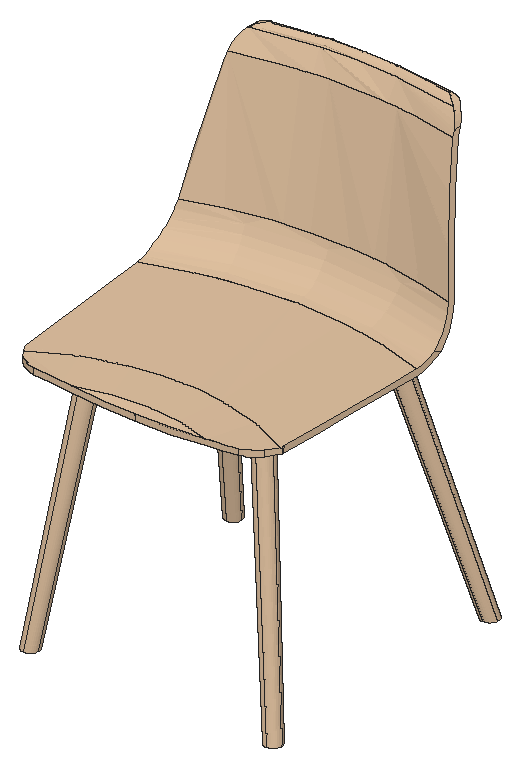
Revit family "FU_Chair_Sandler_Varya Wood 1-4", category Furniture, Revit 2022
Family settings
  OmniClass Number = 23.40.20.00
  OmniClass Title = General Furniture and Specialties
  Work Plane-Based = No
  Always vertical = Yes
  Cut with Voids When Loaded = No
  Render Appearance Source = Family Geometry
  Shared = No
  Room Calculation Point = No
Parameters (values of type "Varya Wood 1.1")
  Width = 465 mm
  URL = "https://www.sandlerseating.com/product/varya-wood-1-1/"
  Shell = Wood - Oak - Natural - V
  Model = "Varya Wood 1.1"
  Manufacturer = "Sandler"
  Height = 815 mm
  Frame [instance] = Wood - Oak - Natural - V
  Description = "Side chair with seat and back in beech or oak veneer on a solid wood frame.\r\nGreenguard Gold-certified to protect indoor air quality."
  Depth = 500 mm
  Default Elevation = 0 mm
Reference planes
  plane 1 "Center (Front/Back)": y = 0
  plane 2: z = 0
  plane 3 "Center (Left/Right)": x = 0
  plane 4 "Right": x = -232.5
  plane 5 "Left": x = 232.5
  plane 6 "Back": y = 250
  plane 7 "Front": y = -250
  plane 8 "Height": z = 815
  plane 9 "Seat height": z = 450
  plane 10 "FL C RIGHT": through (4267.2, -214.244, 4.888) normal (0, -0.992, 0.1264)
  plane 11 "BL C RIGHT": through (4267.2, 233.07, 5.466) normal (0, -0.9652, -0.2616)
  plane 12 "FLL C FRONT": through (207.253, -1524, 4.121) normal (-0.9902, 0, -0.1395)
  plane 13 "BRL C FRONT": through (-217.821, -1524, 5.342) normal (-0.987, 0, 0.1606)
  plane 14: z = -3.5
Forms (mm)
  SweptBlend 1, solid, material "Wood - Oak - Natural - V" <- "Frame"
    path origin (0, 218.496, 59.229) x (0, 0.261633, -0.965167) y (1, 0, 0)
      loop
        line (64.951, -220.298) -> (-421.012, -143.96)
    profile "Pro_Circles : 28mm" origin (-220.298, 235.49, -3.46) x (-0.987886, -0.040601, 0.149778) y (0, -0.965167, -0.261633)
      loop
        arc (-13.967, 0.067) -> (-9.943, -9.849) -> (-0.067, -13.967) r 13.901
        arc (-0.067, -13.967) -> (9.896, -9.896) -> (13.967, 0.067) r 13.901
        arc (13.967, 0.067) -> (9.849, 9.943) -> (-0.067, 13.967) r 13.9
        arc (-0.067, 13.967) -> (-9.895, 9.895) -> (-13.967, 0.067) r 13.9
    end profile "Pro_Circles : 35mm" origin (-143.96, 108.346, 465.576) x (-0.987886, -0.040601, 0.149778) y (0, -0.965167, -0.261633)
      loop
        arc (-17.467, 0.067) -> (-12.418, -12.323) -> (-0.066, -17.467) r 17.401
        arc (-0.066, -17.467) -> (12.371, -12.371) -> (17.467, 0.067) r 17.401
        arc (17.467, 0.067) -> (12.323, 12.418) -> (-0.067, 17.467) r 17.4
        arc (-0.067, 17.467) -> (-12.37, 12.37) -> (-17.467, 0.067) r 17.4
  SweptBlend 2, solid, material "Wood - Oak - Natural - V" <- "Frame"
    path origin (0, -211.433, 26.947) x (0, -0.126428, -0.991976) y (1, 0, 0)
      loop
        line (30.67, 208.324) -> (-425.789, 144.541)
    profile "Pro_Circles : 28mm" origin (208.324, -215.31, -3.477) x (-0.990378, -0.017496, -0.137278) y (0, -0.991976, 0.126428)
      loop
        arc (-13.967, 0.067) -> (-9.943, -9.849) -> (-0.067, -13.967) r 13.901
        arc (-0.067, -13.967) -> (9.896, -9.896) -> (13.967, 0.067) r 13.901
        arc (13.967, 0.067) -> (9.849, 9.943) -> (-0.067, 13.967) r 13.9
        arc (-0.067, 13.967) -> (-9.895, 9.895) -> (-13.967, 0.067) r 13.9
    end profile "Pro_Circles : 35mm" origin (144.541, -157.601, 449.319) x (-0.990378, -0.017496, -0.137278) y (0, -0.991976, 0.126428)
      loop
        arc (-17.467, 0.067) -> (-12.418, -12.323) -> (-0.066, -17.467) r 17.401
        arc (-0.066, -17.467) -> (12.371, -12.371) -> (17.467, 0.067) r 17.401
        arc (17.467, 0.067) -> (12.323, 12.418) -> (-0.067, 17.467) r 17.4
        arc (-0.067, 17.467) -> (-12.37, 12.37) -> (-17.467, 0.067) r 17.4
  Extrusion 3, void
    sketch origin (0, 0, 0) x (1, 0, 0) y (0, 0, 1)
      loop
        line (-237.5, -22.943) -> (237.5, -22.943) -> (237.5, 0) -> (-237.5, 0) -> (-237.5, -22.943)
    from -260 to 250
  SweptBlend 4, solid, material "Wood - Oak - Natural - V" <- "Frame"
    path origin (0, 218.496, 59.229) x (0, 0.261633, -0.965167) y (-1, 0, 0)
      loop
        line (64.951, -220.298) -> (-421.012, -143.96)
    profile "Pro_Circles : 28mm" origin (220.298, 235.49, -3.46) x (-0.987886, 0.040601, -0.149778) y (0, -0.965167, -0.261633)
      loop
        arc (13.967, 0.067) -> (9.895, 9.895) -> (0.067, 13.967) r 13.9
        arc (0.067, 13.967) -> (-9.849, 9.943) -> (-13.967, 0.067) r 13.9
        arc (-13.967, 0.067) -> (-9.896, -9.896) -> (0.067, -13.967) r 13.901
        arc (0.067, -13.967) -> (9.943, -9.849) -> (13.967, 0.067) r 13.901
    end profile "Pro_Circles : 35mm" origin (143.96, 108.346, 465.576) x (-0.987886, 0.040601, -0.149778) y (0, -0.965167, -0.261633)
      loop
        arc (17.467, 0.067) -> (12.37, 12.37) -> (0.067, 17.467) r 17.4
        arc (0.067, 17.467) -> (-12.323, 12.418) -> (-17.467, 0.067) r 17.4
        arc (-17.467, 0.067) -> (-12.371, -12.371) -> (0.066, -17.467) r 17.401
        arc (0.066, -17.467) -> (12.418, -12.323) -> (17.467, 0.067) r 17.401
  SweptBlend 5, solid, material "Wood - Oak - Natural - V" <- "Frame"
    path origin (0, -211.433, 26.947) x (0, -0.126428, -0.991976) y (-1, 0, 0)
      loop
        line (30.67, 208.324) -> (-425.789, 144.541)
    profile "Pro_Circles : 28mm" origin (-208.324, -215.31, -3.477) x (-0.990378, 0.017496, 0.137278) y (0, -0.991976, 0.126428)
      loop
        arc (13.967, 0.067) -> (9.895, 9.895) -> (0.067, 13.967) r 13.9
        arc (0.067, 13.967) -> (-9.849, 9.943) -> (-13.967, 0.067) r 13.9
        arc (-13.967, 0.067) -> (-9.896, -9.896) -> (0.067, -13.967) r 13.901
        arc (0.067, -13.967) -> (9.943, -9.849) -> (13.967, 0.067) r 13.901
    end profile "Pro_Circles : 35mm" origin (-144.541, -157.601, 449.319) x (-0.990378, 0.017496, 0.137278) y (0, -0.991976, 0.126428)
      loop
        arc (17.467, 0.067) -> (12.37, 12.37) -> (0.067, 17.467) r 17.4
        arc (0.067, 17.467) -> (-12.323, 12.418) -> (-17.467, 0.067) r 17.4
        arc (-17.467, 0.067) -> (-12.371, -12.371) -> (0.066, -17.467) r 17.401
        arc (0.066, -17.467) -> (12.418, -12.323) -> (17.467, 0.067) r 17.401
Cuts and joins
  Extrusion 3 cuts SweptBlend 5
  Extrusion 3 cuts SweptBlend 1
  Extrusion 3 cuts SweptBlend 4
  Extrusion 3 cuts SweptBlend 2
Dimensions and locks
  equal spacing: plane 4 "Right", plane 3 "Center (Left/Right)", plane 5 "Left"
  "Width": plane 4 "Right" to plane 5 "Left"
  equal spacing: plane 6 "Back", plane 1 "Center (Front/Back)", plane 7 "Front"
  "Depth": plane 6 "Back" to plane 7 "Front"
  "Height": plane 8 "Height" to level
  plane 9 "Seat height" to level = 450 mm
  aligned and locked: level to plane 2
Automatic sketch dimensions
  SweptBlend 1 sketch curve to plane 4 "Right" = 88.54 mm
  SweptBlend 1 sketch curve to plane 4 "Right" = 12.202 mm
  SweptBlend 1 sketch curve to SweptBlend 1 sketch curve = 485.964 mm
  plane 5 "Left" to SweptBlend 2 sketch curve = 87.959 mm
  plane 5 "Left" to SweptBlend 2 sketch curve = 24.176 mm
  SweptBlend 2 sketch curve to SweptBlend 2 sketch curve = 456.459 mm
  Extrusion 3 sketch curve to level = 0 mm
  plane 4 "Right" to Extrusion 3 sketch curve = 5 mm
  Extrusion 3 sketch curve to plane 5 "Left" = 5 mm
  Extrusion 3 sketch curve to plane 14 = 19.443 mm
  SweptBlend 4 sketch curve to plane 5 "Left" = 88.54 mm
  SweptBlend 4 sketch curve to plane 5 "Left" = 12.202 mm
  SweptBlend 4 sketch curve to SweptBlend 4 sketch curve = 485.964 mm
  plane 4 "Right" to SweptBlend 5 sketch curve = 87.959 mm
  plane 4 "Right" to SweptBlend 5 sketch curve = 24.176 mm
  SweptBlend 5 sketch curve to SweptBlend 5 sketch curve = 456.459 mm
Nested families
  nested 1: "TP02" at (0, 8.12, 405), Shell Material <- "Shell", type "TP02"
    with Shell Material Wood - Oak - Natural - V
Definition of nested family "TP02"
  Parameters (values of type "TP02")
    Youtube clip = ""
    Uniformat II Description = "Movable Furnishings"
    Uniformat II Code = ""
    Uniclass 2015 Name = ""
    Uniclass 2015 Code = ""
    Uniclass 2.0 Description = ""
    Uniclass 2.0 Code = ""
    Uniclass 1.4 Description = ""
    Uniclass 1.4 Code = ""
    UNSPSC Code = ""
    Technical description = ""
    Default Elevation = 1219.2 mm
    401D = no
    Region South America = "All"
    Region Oceania = "All"
    Region North America = "All"
    Region Middle East = "All"
    Region Europe = "All"
    Region Asia = "All"
    Region Antarctica = "All"
    Region Africa = "All"
    QR code = "https://www.sandlerseating.com/product/dunas-lounge-5-1/"
    Product url = ""
    Product name = "Dunas Lounge 5.1"
    Product group = "Chair"
    Product family = "Furniture"
    Product data url = "https://www.sandlerseating.com/product/dunas-lounge-5-1/"
    Product certification = ""
    Product SKU = "??"
    Product Guid = "??"
    OmniClass Description = ""
    OmniClass Code = "23-21 23 15 17"
    NBS Reference Description = ""
    NBS Reference Code = ""
    Model = "Dunas Lounge 5.1"  # constant formula
    Masterformat 2014 Description = "Chair Mats"
    Masterformat 2014 Code = "12 48 43.13"
    Manufacturer name = "Sandler"
    Manufacturer country = "USA"
    Manufacturer = "Sandler"  # constant formula
    401G = yes
    Installation instructions = ""
    IFC Classification = "Furnishing Element"
    GTIN code = ""
    Edition number = 1
    Design country = "Brasil"
    Description = "Chair"  # constant formula
    Date of publishing = ""
    COBIe Type Category = ""
    Brand url = "https://www.sandlerseating.com/"
    Shell Material [instance] = none
    BIMobject main category code = "furniture"
    BIMobject main category = "Furniture"
    BIMobject category code = "furniture-chair"
    BIMobject category = "Chair"
  Reference planes
    plane 1 "Center Front/Back": y = 0
    plane 2: z = 0
    plane 3 "Center Left/Right": x = 0
  Forms (mm)
    SweptBlend 1, solid, material <- "Shell Material"
      path origin (5.681, -212.5, 0) x (1, 0, 0) y (0, 1, 0)
        loop
          arc (-317.221, 139.285) -> (-9.402, 229.926) -> (301.107, 148.975) r 600
      profile "Profile Lateral : Profile Lateral" origin (-311.539, -73.215, 0) x (-0.528701, 0.848808, 0) y (0, 0, 1)
        loop
          arc (220.072, 373.875) -> (220.776, 379.083) -> (216.324, 381.876) r 4.851
          arc (216.324, 381.876) -> (209.979, 378.228) -> (205.376, 372.537) r 19.958
          arc (205.376, 372.537) -> (196.162, 356.573) -> (188.635, 339.748) r 179.403
          arc (188.635, 339.748) -> (162.543, 233.058) -> (144.335, 124.743) r 1498.854
          arc (144.335, 124.743) -> (120.197, 79.841) -> (74.028, 58.225) r 81.068
          line (74.028, 58.225) -> (-180.577, 50.222)
          arc (-180.577, 50.222) -> (-217.915, 49.974) -> (-255.089, 46.48) r 428.848
          arc (-255.089, 46.48) -> (-277.323, 40.838) -> (-297.701, 30.309) r 100.67
          arc (-297.701, 30.309) -> (-299.067, 23.371) -> (-292.129, 22.005) r 5
          arc (-292.129, 22.005) -> (-273.768, 31.491) -> (-253.736, 36.572) r 90.67
          arc (-253.736, 36.572) -> (-217.251, 39.995) -> (-180.606, 40.216) r 418.848
          line (-180.606, 40.216) -> (74.763, 48.243)
          arc (74.763, 48.243) -> (126.989, 72.501) -> (154.223, 123.238) r 91.068
          arc (154.223, 123.238) -> (172.269, 230.706) -> (198.126, 336.566) r 1488.854
          arc (198.126, 336.566) -> (205.277, 352.434) -> (214.019, 367.485) r 169.403
          arc (214.019, 367.485) -> (216.964, 370.757) -> (220.072, 373.875) r 86.344
      end profile "Profile Lateral : Profile Lateral" origin (306.788, -63.525, 0) x (0.501844, 0.864958, 0) y (0, 0, 1)
        loop
          arc (220.072, 373.875) -> (220.776, 379.083) -> (216.324, 381.876) r 4.851
          arc (216.324, 381.876) -> (209.979, 378.228) -> (205.376, 372.537) r 19.958
          arc (205.376, 372.537) -> (196.162, 356.573) -> (188.635, 339.748) r 179.403
          arc (188.635, 339.748) -> (162.543, 233.058) -> (144.335, 124.743) r 1498.854
          arc (144.335, 124.743) -> (120.197, 79.841) -> (74.028, 58.225) r 81.068
          line (74.028, 58.225) -> (-180.577, 50.222)
          arc (-180.577, 50.222) -> (-217.915, 49.974) -> (-255.089, 46.48) r 428.848
          arc (-255.089, 46.48) -> (-277.323, 40.838) -> (-297.701, 30.309) r 100.67
          arc (-297.701, 30.309) -> (-299.067, 23.371) -> (-292.129, 22.005) r 5
          arc (-292.129, 22.005) -> (-273.768, 31.491) -> (-253.736, 36.572) r 90.67
          arc (-253.736, 36.572) -> (-217.251, 39.995) -> (-180.606, 40.216) r 418.848
          line (-180.606, 40.216) -> (74.763, 48.243)
          arc (74.763, 48.243) -> (126.989, 72.501) -> (154.223, 123.238) r 91.068
          arc (154.223, 123.238) -> (172.269, 230.706) -> (198.126, 336.566) r 1488.854
          arc (198.126, 336.566) -> (205.277, 352.434) -> (214.019, 367.485) r 169.403
          arc (214.019, 367.485) -> (216.964, 370.757) -> (220.072, 373.875) r 86.344
    Extrusion 2, void
      sketch origin (5.681, 0, 0) x (1, 0, 0) y (0, 1, 0)
        loop
          line (-247.765, 106.22) -> (-247.765, 266.22) -> (-487.765, 266.22) -> (-487.765, -333.78) -> (-7.5, -333.78) -> (472.765, -333.78) -> (472.765, 266.22) -> (232.765, 266.22) -> (232.765, 106.22) -> (213.357, -213.191)
          arc (213.357, -213.191) -> (196.502, -241.247) -> (166.837, -255.077) r 55.957
          arc (166.837, -255.077) -> (79.688, -257.728) -> (-7.5, -258.12) r 3363.946
          arc (-7.5, -258.12) -> (-94.688, -257.728) -> (-181.837, -255.077) r 3363.946
          arc (-181.837, -255.077) -> (-211.502, -241.247) -> (-228.357, -213.191) r 55.957
          line (-228.357, -213.191) -> (-247.765, 106.22)
      from 0 to 250
    Extrusion 3, void
      sketch origin (5.681, 0, 0) x (1, 0, 0) y (0, 0, 1)
        loop
          line (232.252, 65.67) -> (445.023, 65.67) -> (445.023, 415.67) -> (145.999, 415.67) -> (145.999, 382.34)
          arc (145.999, 382.34) -> (169.969, 371.303) -> (183.516, 348.657) r 44.637
          line (183.516, 348.657) -> (232.252, 65.67)
        loop
          line (-246.936, 65.67) -> (-200.298, 330.165) -> (-196.12, 348.236)
          arc (-196.12, 348.236) -> (-183.265, 370.366) -> (-160.18, 381.415) r 43.434
          line (-160.18, 381.415) -> (-160.18, 415.67) -> (-460.023, 415.67) -> (-460.023, 65.67) -> (-246.936, 65.67)
      from -241.575 to -47.482
  Cuts and joins
    Extrusion 2, Extrusion 3 cuts SweptBlend 1
  Dimensions and locks
    aligned and locked: level to plane 2
